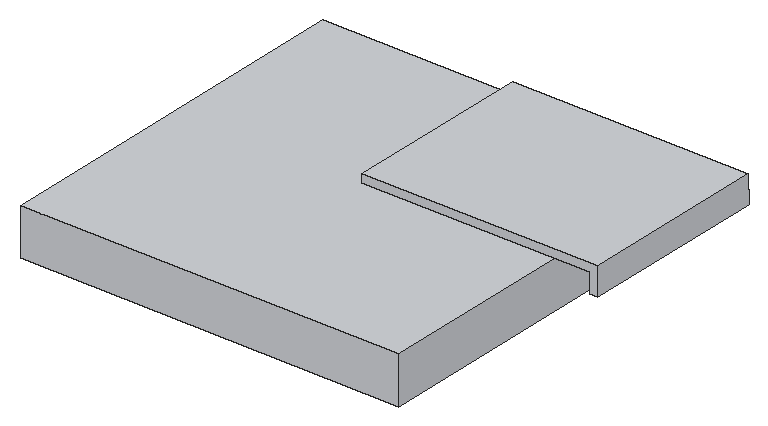
Revit family
Parameters
  Width = 0' - 2"
  URL = "www.coldspringgranite.com"
  TypicalJointSize = 0' - 0 1/4"
  StoneMaterial = none
  SettingSpace = AirGap + Width  # 0' - 3"
  Product Name = "Wall Facing Stone Panels with Hooked Edge on Right Side"
  Product Documentation Link = "http://www.coldspringgranite.com/BIM_Families/Family_Detail/Wall_Facing_Stone_Panels_with_Hooked_Edge_on_Right_Side/"
  PhoneNumber = "800-551-7502"
  Notes = ""
  Model = "N/A"
  Manufacturer = "Cold Spring Granite Company"
  Low Emitting Material = yes
  Low Emitting Finish = yes
  Location = "17482 Granite West Road, Cold Spring, MN 56320-4578"
  Length = 5' - 0"
  LEED Credit = ""
  Keynote = "044256"
  JointTopOff = no
  JointTop = if(JointTopOff, 0' 0", TypicalJointSize / 2)  # 0' - 0 1/8"
  JointLeftOff = no
  JointLeft = if(JointLeftOff, 0' 0", TypicalJointSize / 2)  # 0' - 0 1/8"
  JointBottomOff = no
  JointBottom = if(JointBottomOff, 0' 0", TypicalJointSize / 2)  # 0' - 0 1/8"
  HookDepth = 0' - 7"
  Height = 4' - 0"
  Description = "Stone Wall Facing Hooked"
  Default Elevation = 0' - 0"
  Assembly Code = "B2010160"
  AirGap = 0' - 1"
Reference planes (in)
  plane 1 "Center (Front/Back)": y = 0
  plane 2: z = 0
  plane 3 "Center (Left/Right)": x = 0
  plane 4 "StoneLeft": x = 0.125
  plane 5 "StoneRight": x = 60
  plane 6 "JointTopCenter": y = 48
  plane 7 "StoneTop": y = 47.875
  plane 8 "StoneBottom": y = 0.125
  plane 9 "StoneFace": z = 3
  plane 10 "StoneBack": z = 1
  plane 11 "HookRightBack": x = 58
  plane 12 "HookBack": z = -4
Forms (in)
  Extrusion 1, solid
    sketch origin (0, 0, 0) x (1, 0, 0) y (0, 1, 0)
      loop
        line (-48, 48) -> (-48, -48) -> (48, -48) -> (48, 48) -> (-48, 48)
    from 0 to -12
  Extrusion 2, solid, material <- "StoneMaterial", detail levels medium+fine
    sketch origin (0, 0, 0) x (1, 0, 0) y (0, 0, 1)
      loop
        line (0.125, 3) -> (0.125, 1) -> (58, 1) -> (58, -4) -> (60, -4) -> (60, 3) -> (0.125, 3)
    from -47.875 to -0.125
  Extrusion 3, solid, material <- "StoneMaterial", detail levels coarse
    sketch origin (0, 0, 0) x (1, 0, 0) y (0, 0, 1)
      loop
        line (60, -4) -> (60, 3) -> (0, 3) -> (0, -4) -> (60, -4)
    from -48 to 0
Lines and regions (in)
  Masking region 1, detail levels medium+fine
    outline origin (0, 0, 3) x (-1, 0, 0) y (0, -1, 0)
      loop
        line (-60, -47.875) -> (-0.125, -47.875) -> (-0.125, -0.125) -> (-60, -0.125) -> (-60, -47.875)
  Masking region 2, detail levels coarse
    outline origin (0, 0, 3) x (-1, 0, 0) y (0, -1, 0)
      loop
        line (-60, -48) -> (0, -48) -> (0, 0) -> (-60, 0) -> (-60, -48)
  Masking region 3, detail levels coarse
    outline origin (0, 0.125, 0) x (-1, 0, 0) y (0, 0, 1)
      loop
        line (-60, 3) -> (-60, -4) -> (0, -4) -> (0, 3) -> (-60, 3)
  Masking region 4, detail levels medium+fine
    outline origin (0, 0.125, 0) x (-1, 0, 0) y (0, 0, 1)
      loop
        line (-0.125, 1) -> (-0.125, 3) -> (-60, 3) -> (-60, -4) -> (-58, -4) -> (-58, 1) -> (-0.125, 1)
  Masking region 5, detail levels coarse
    outline origin (0, 47.875, 0) x (-1, 0, 0) y (0, 0, 1)
      loop
        line (-60, -4) -> (0, -4) -> (0, 3) -> (-60, 3) -> (-60, -4)
  Masking region 6, detail levels medium+fine
    outline origin (0, 47.875, 0) x (-1, 0, 0) y (0, 0, 1)
      loop
        line (-58, 1) -> (-0.125, 1) -> (-0.125, 3) -> (-60, 3) -> (-60, -4) -> (-58, -4) -> (-58, 1)
  Masking region 7, detail levels coarse
    outline origin (0.125, 0, 0) x (0, 1, 0) y (0, 0, 1)
      loop
        line (0, 3) -> (0, -4) -> (48, -4) -> (48, 3) -> (0, 3)
  Masking region 8, detail levels medium+fine
    outline origin (0.125, 0, 0) x (0, 1, 0) y (0, 0, 1)
      loop
        line (47.875, 1) -> (47.875, 3) -> (0.125, 3) -> (0.125, 1) -> (47.875, 1)
  Masking region 9, detail levels coarse
    outline origin (60, 0, 0) x (0, 1, 0) y (0, 0, 1)
      loop
        line (48, 3) -> (0, 3) -> (0, -4) -> (48, -4) -> (48, 3)
  Masking region 10, detail levels medium+fine
    outline origin (60, 0, 0) x (0, 1, 0) y (0, 0, 1)
      loop
        line (0.125, 3) -> (0.125, -4) -> (47.875, -4) -> (47.875, 3) -> (0.125, 3)
Dimensions and locks (in)
  "SettingSpace": plane 9 "StoneFace" to plane 2
  "Width": plane 9 "StoneFace" to plane 10 "StoneBack"
  "Width": plane 5 "StoneRight" to plane 11 "HookRightBack"
  "HookDepth": plane 9 "StoneFace" to plane 12 "HookBack"
  "Length": plane 3 "Center (Left/Right)" to plane 5 "StoneRight"
  "JointLeft": plane 3 "Center (Left/Right)" to plane 4 "StoneLeft"
  "Height": plane 6 "JointTopCenter" to plane 1 "Center (Front/Back)"
  "JointTop": plane 6 "JointTopCenter" to plane 7 "StoneTop"
  "JointBottom": plane 1 "Center (Front/Back)" to plane 8 "StoneBottom"
  aligned and locked: plane 2 to Extrusion 1
  aligned and locked: level to Extrusion 1
  aligned and locked: Extrusion 2 to plane 4 "StoneLeft"
  aligned and locked: Extrusion 2 to plane 10 "StoneBack"
  aligned and locked: plane 9 "StoneFace" to Extrusion 2
  aligned and locked: plane 5 "StoneRight" to Extrusion 2
  aligned and locked: Extrusion 2 to plane 11 "HookRightBack"
  aligned and locked: Extrusion 2 to plane 12 "HookBack"
  aligned and locked: Extrusion 2 to plane 8 "StoneBottom"
  aligned and locked: plane 7 "StoneTop" to Extrusion 2
  aligned and locked: plane 5 "StoneRight" to Extrusion 3
  aligned and locked: plane 9 "StoneFace" to Extrusion 3
  aligned and locked: Extrusion 3 to plane 12 "HookBack"
  aligned and locked: Extrusion 3 to plane 3 "Center (Left/Right)"
  aligned and locked: plane 6 "JointTopCenter" to Extrusion 3
  aligned and locked: plane 1 "Center (Front/Back)" to Extrusion 3
  aligned and locked: Masking region 1 sketch curve to Extrusion 2  (x4)
  aligned and locked: Masking region 2 sketch curve to Extrusion 3  (x4)
  aligned and locked: Masking region 3 sketch curve to Extrusion 3  (x4)
  aligned and locked: Masking region 4 sketch curve to Extrusion 2  (x6)
  aligned and locked: Masking region 5 sketch curve to Masking region 3  (x4)
  aligned and locked: Masking region 6 sketch curve to Masking region 4  (x6)
  aligned and locked: Masking region 7 sketch curve to Extrusion 3  (x4)
  aligned and locked: Masking region 8 sketch curve to Extrusion 2  (x4)
  aligned and locked: Masking region 9 sketch curve to Masking region 7  (x4)
  aligned and locked: Masking region 10 sketch curve to Extrusion 2  (x4)
Automatic sketch dimensions
  Extrusion 1 sketch curve to Extrusion 1 sketch curve = 8' - 0"  (x2)
  Extrusion 2 sketch curve to plane 4 "StoneLeft" = 0' - 0"
  Extrusion 2 sketch curve to plane 11 "HookRightBack" = 0' - 0"
  Extrusion 2 sketch curve to plane 5 "StoneRight" = 0' - 0"
  Extrusion 2 sketch curve to plane 12 "HookBack" = 0' - 0"
  Extrusion 2 sketch curve to plane 10 "StoneBack" = 0' - 0"
  Extrusion 2 sketch curve to plane 9 "StoneFace" = 0' - 0"
  Extrusion 3 sketch curve to level = 0' - 4"
  plane 3 "Center (Left/Right)" to Extrusion 3 sketch curve = 0' - 0"
  Extrusion 3 sketch curve to plane 5 "StoneRight" = 0' - 0"
  Extrusion 3 sketch curve to plane 9 "StoneFace" = 0' - 0"
Nested families (in)
  nested 1: "CopyRight" at (0, 0, 3), type "CopyRight"
Definition of nested family "CopyRight"
  Parameters (values of type "CopyRight")
    CopyRight = "Cold Spring Granite Company"
  Reference planes (in)
    plane 1: z = 0
